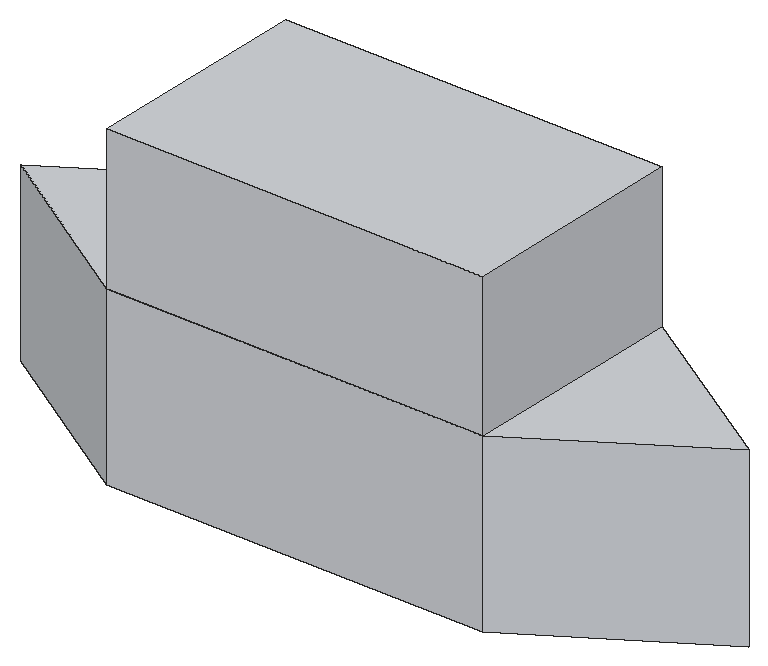
Revit family "双边船形桥墩", category 常规模型, Revit 2022
Family settings
  可将钢筋附着到主体 = 否
  圆形连接件大小 = 使用直径
  零件类型 = 标准
  基于工作平面 = 否
  总是垂直 = 是
  加载时剪切的空心 = 否
  保持注释方向 = 否
  共享 = 否
  房间计算点 = 否
Parameters
  默认高程 = 0 mm
  船篷高度 = 2713.558 mm
  船型高度 = 1500 mm
  桥墩主体长 = 3200 mm
  桥墩主体宽 = 1900 mm
  外延长度 = 1500 mm
  alpha = atan(外延长度 / 桥墩主体宽 * 2)  # 57.6526°
Reference planes
  plane 1 "中心(前/后)": y = 0
  plane 2: z = 0
  plane 3 "中心(左/右)": x = 0
Forms (mm)
  Extrusion 1, solid
    sketch origin (0, 0, 0) x (1, 0, 0) y (0, 1, 0)
      loop
        line (2332.957, 3052.223) -> (832.957, 2102.223) -> (2332.957, 1152.223) -> (5532.957, 1152.223) -> (7032.957, 2102.223) -> (5532.957, 3052.223) -> (2332.957, 3052.223)
    from 0 to 1500 <- "船型高度"
  Extrusion 2, solid
    sketch origin (0, 0, 0) x (1, 0, 0) y (0, 1, 0)
      loop
        line (2332.957, 3052.223) -> (2332.957, 1152.223) -> (5532.957, 1152.223) -> (5532.957, 3052.223) -> (2332.957, 3052.223)
    from 1500 <- "船型高度" to 2713.558 <- "船篷高度"
Lines and regions (mm)
  reference lines
    curve 1: line (2332.957, 3052.223, 0) -> (5532.957, 3052.223, 0)
    curve 2: line (2332.957, 1152.223, 0) -> (2332.957, 3052.223, 0)
    curve 3: line (5532.957, 1152.223, 0) -> (2332.957, 1152.223, 0)
    curve 4: line (5532.957, 3052.223, 0) -> (5532.957, 1152.223, 0)
    curve 5: line (2332.957, 3052.223, 0) -> (832.957, 2102.223, 0)
    curve 6: line (832.957, 2102.223, 0) -> (2332.957, 1152.223, 0)
    curve 7: line (5532.957, 1152.223, 0) -> (7032.957, 2102.223, 0)
    curve 8: line (7032.957, 2102.223, 0) -> (5532.957, 3052.223, 0)
Dimensions and locks
  "桥墩主体长": curve 2 to curve 4
  "桥墩主体宽": curve 3 to curve 1
  "alpha": angle curve 5 to curve 2
  "alpha": angle curve 2 to curve 6
  "alpha": angle curve 4 to curve 8
  "alpha": angle curve 7 to curve 4
  aligned and locked: level to plane 2
  aligned and locked: Extrusion 1 sketch curve to curve 1
  aligned and locked: Extrusion 1 sketch curve to curve 3
  aligned and locked: Extrusion 1 sketch curve to curve 7
  aligned and locked: Extrusion 1 sketch curve to curve 8
  aligned and locked: Extrusion 1 sketch curve to curve 5
  aligned and locked: Extrusion 1 sketch curve to curve 6
  aligned and locked: Extrusion 2 sketch curve to curve 1
  aligned and locked: Extrusion 2 sketch curve to curve 2
  aligned and locked: Extrusion 2 sketch curve to curve 3
  aligned and locked: Extrusion 2 sketch curve to curve 4
Automatic sketch dimensions
  plane 3 "中心(左/右)" to curve 6 = 832.957 mm
  curve 6 to plane 1 "中心(前/后)" = 1152.223 mm
